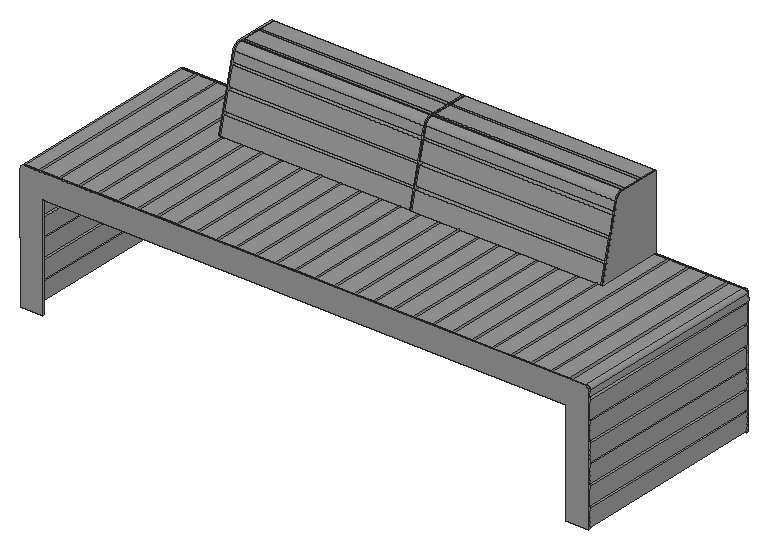
Revit family "Скамейка стальная «Ладья» со спинкой Арт 14605", category Антураж, Revit 2018
Family settings
  На основе рабочей плоскости = Нет
  Всегда вертикально = Да
  При загрузке вырезать с полостями = Нет
  Источник визуального образа = Геометрия семейства
  Общий = Нет
  Точка расчета площади = Нет
Parameters (values of type "Скамейка стальная «Ладья» со спинкой")
  Ширина = 700 mm  # constant formula
  Цвет опор = Сталь
  Цвет лавки = Дерево
  Описание = "Скамейка стальная «Ладья» со спинкой"  # constant formula
  Материал изделия = "Сталь, дерево"  # constant formula
  Изображение типоразмера = Скамейка стальная «Ладья» со спинкой Арт 14605.png
  Изготовитель = "ООО «Хоббика»"  # constant formula
  Длина = 2000 mm  # constant formula
  Группа модели = "Скамейки"  # constant formula
  Высота = 710 mm  # constant formula
  Артикул товара = "Арт 14605"  # constant formula
  URL = "https://hobbyka.ru/product/skameyka_so_spinkoy_ladya/"
Reference planes
  plane 1 "По центру (Вперед/Назад)": y = 0
  plane 2: z = 0
  plane 3 "По центру (Влево/Вправо)": x = 0
  plane 4: y = 700
  plane 5: x = 2000
  plane 6: z = 710
Forms (mm)
  Extrusion 1, solid, material "Сталь" <- "Цвет опор"
    sketch origin (0, 0, 0) x (1, 0, 0) y (0, 0, 1)
      loop
        arc (15, 450) -> (4.393, 445.607) -> (0, 435) r 15
        line (0, 435) -> (0, 0) -> (80, 0) -> (80, 364.544) -> (1920, 364.544) -> (1920, 0) -> (2000, 0) -> (2000, 364.544) -> (2000, 435)
        arc (2000, 435) -> (1995.607, 445.607) -> (1985, 450) r 15
        line (1985, 450) -> (15, 450)
    from 0 to -5
  Extrusion 2, solid, material "Сталь" <- "Цвет опор"
    sketch origin (0, 0, 0) x (1, 0, 0) y (0, 0, 1)
      loop
        arc (15, 450) -> (4.393, 445.607) -> (0, 435) r 15
        line (0, 435) -> (0, 0) -> (80, 0) -> (80, 364.544) -> (1920, 364.544) -> (1920, 0) -> (2000, 0) -> (2000, 364.544) -> (2000, 435)
        arc (2000, 435) -> (1995.607, 445.607) -> (1985, 450) r 15
        line (1985, 450) -> (15, 450)
    from -695 to -700
  Extrusion 3, solid, material "Сталь" <- "Цвет опор"
    sketch origin (0, 0, 0) x (0, 1, 0) y (0, 0, 1)
      loop
        line (700, 710) -> (555, 710)
        arc (555, 710) -> (537.722, 704.109) -> (527.641, 688.89) r 28.284
        line (527.641, 688.89) -> (465, 450) -> (700, 450) -> (700, 710)
    from 325 to 330
  Extrusion 4, solid, material "Сталь" <- "Цвет опор"
    sketch origin (0, 0, 0) x (0, 1, 0) y (0, 0, 1)
      loop
        line (700, 710) -> (555, 710)
        arc (555, 710) -> (537.722, 704.109) -> (527.641, 688.89) r 28.284
        line (527.641, 688.89) -> (465, 450) -> (700, 450) -> (700, 710)
    from 1670 to 1675
  Extrusion 5, solid, material "Дерево" <- "Цвет лавки"
    sketch origin (0, 0, 0) x (1, 0, 0) y (0, 0, 1)
      loop
        line (0, 65) -> (0, 5) -> (35, 5) -> (35, 65) -> (0, 65)
    from -5 to -695
  Extrusion 6, solid, material "Дерево" <- "Цвет лавки"
    sketch origin (0, 0, 340) x (1, 0, 0) y (0, 0, 1)
      loop
        line (0, 65) -> (0, 5) -> (35, 5) -> (35, 65) -> (0, 65)
    from -5 to -695
  Extrusion 7, solid, material "Дерево" <- "Цвет лавки"
    sketch origin (0, 0, 68) x (1, 0, 0) y (0, 0, 1)
      loop
        line (0, 65) -> (0, 5) -> (35, 5) -> (35, 65) -> (0, 65)
    from -5 to -695
  Extrusion 8, solid, material "Дерево" <- "Цвет лавки"
    sketch origin (0, 0, 136) x (1, 0, 0) y (0, 0, 1)
      loop
        line (0, 65) -> (0, 5) -> (35, 5) -> (35, 65) -> (0, 65)
    from -5 to -695
  Extrusion 9, solid, material "Дерево" <- "Цвет лавки"
    sketch origin (0, 0, 204) x (1, 0, 0) y (0, 0, 1)
      loop
        line (0, 65) -> (0, 5) -> (35, 5) -> (35, 65) -> (0, 65)
    from -5 to -695
  Extrusion 10, solid, material "Дерево" <- "Цвет лавки"
    sketch origin (0, 0, 272) x (1, 0, 0) y (0, 0, 1)
      loop
        line (0, 65) -> (0, 5) -> (35, 5) -> (35, 65) -> (0, 65)
    from -5 to -695
  Extrusion 11, solid, material "Дерево" <- "Цвет лавки"
    sketch origin (1920, 0, 0) x (1, 0, 0) y (0, 0, 1)
      loop
        line (45, 65) -> (45, 5) -> (80, 5) -> (80, 65) -> (45, 65)
    from -5 to -695
  Extrusion 12, solid, material "Дерево" <- "Цвет лавки"
    sketch origin (1920, 0, 340) x (1, 0, 0) y (0, 0, 1)
      loop
        line (45, 65) -> (45, 5) -> (80, 5) -> (80, 65) -> (45, 65)
    from -5 to -695
  Extrusion 13, solid, material "Дерево" <- "Цвет лавки"
    sketch origin (1920, 0, 68) x (1, 0, 0) y (0, 0, 1)
      loop
        line (45, 65) -> (45, 5) -> (80, 5) -> (80, 65) -> (45, 65)
    from -5 to -695
  Extrusion 14, solid, material "Дерево" <- "Цвет лавки"
    sketch origin (1920, 0, 136) x (1, 0, 0) y (0, 0, 1)
      loop
        line (45, 65) -> (45, 5) -> (80, 5) -> (80, 65) -> (45, 65)
    from -5 to -695
  Extrusion 15, solid, material "Дерево" <- "Цвет лавки"
    sketch origin (1920, 0, 204) x (1, 0, 0) y (0, 0, 1)
      loop
        line (45, 65) -> (45, 5) -> (80, 5) -> (80, 65) -> (45, 65)
    from -5 to -695
  Extrusion 16, solid, material "Дерево" <- "Цвет лавки"
    sketch origin (1920, 0, 272) x (1, 0, 0) y (0, 0, 1)
      loop
        line (45, 65) -> (45, 5) -> (80, 5) -> (80, 65) -> (45, 65)
    from -5 to -695
  Extrusion 17, solid, material "Дерево" <- "Цвет лавки"
    sketch origin (0, 0, 0) x (1, 0, 0) y (0, 0, 1)
      loop
        line (60, 450) -> (15, 450)
        arc (15, 450) -> (4.393, 445.607) -> (0, 435) r 15
        line (0, 435) -> (0, 415) -> (60, 415) -> (60, 450)
      loop
        line (1940, 450) -> (1940, 415) -> (2000, 415) -> (2000, 435)
        arc (2000, 435) -> (1995.607, 445.607) -> (1985, 450) r 15
        line (1985, 450) -> (1940, 450)
    from -5 to -700
  Extrusion 18, solid, material "Дерево" <- "Цвет лавки"
    sketch origin (20, 0, 0) x (1, 0, 0) y (0, 0, 1)
      loop
        line (110, 415) -> (110, 450) -> (50, 450) -> (50, 415) -> (110, 415)
    from -5 to -695
  Extrusion 19, solid, material "Дерево" <- "Цвет лавки"
    sketch origin (1820, 0, 0) x (1, 0, 0) y (0, 0, 1)
      loop
        line (110, 415) -> (110, 450) -> (50, 450) -> (50, 415) -> (110, 415)
    from -5 to -695
  Extrusion 20, solid, material "Дерево" <- "Цвет лавки"
    sketch origin (89.231, 0, 0) x (1, 0, 0) y (0, 0, 1)
      loop
        line (110, 415) -> (110, 450) -> (50, 450) -> (50, 415) -> (110, 415)
    from -5 to -695
  Extrusion 21, solid, material "Дерево" <- "Цвет лавки"
    sketch origin (158.462, 0, 0) x (1, 0, 0) y (0, 0, 1)
      loop
        line (110, 415) -> (110, 450) -> (50, 450) -> (50, 415) -> (110, 415)
    from -5 to -695
  Extrusion 22, solid, material "Дерево" <- "Цвет лавки"
    sketch origin (227.692, 0, 0) x (1, 0, 0) y (0, 0, 1)
      loop
        line (110, 415) -> (110, 450) -> (50, 450) -> (50, 415) -> (110, 415)
    from -5 to -695
  Extrusion 23, solid, material "Дерево" <- "Цвет лавки"
    sketch origin (296.923, 0, 0) x (1, 0, 0) y (0, 0, 1)
      loop
        line (110, 415) -> (110, 450) -> (50, 450) -> (50, 415) -> (110, 415)
    from -5 to -695
  Extrusion 24, solid, material "Дерево" <- "Цвет лавки"
    sketch origin (366.154, 0, 0) x (1, 0, 0) y (0, 0, 1)
      loop
        line (110, 415) -> (110, 450) -> (50, 450) -> (50, 415) -> (110, 415)
    from -5 to -695
  Extrusion 25, solid, material "Дерево" <- "Цвет лавки"
    sketch origin (435.385, 0, 0) x (1, 0, 0) y (0, 0, 1)
      loop
        line (110, 415) -> (110, 450) -> (50, 450) -> (50, 415) -> (110, 415)
    from -5 to -695
  Extrusion 26, solid, material "Дерево" <- "Цвет лавки"
    sketch origin (504.615, 0, 0) x (1, 0, 0) y (0, 0, 1)
      loop
        line (110, 415) -> (110, 450) -> (50, 450) -> (50, 415) -> (110, 415)
    from -5 to -695
  Extrusion 27, solid, material "Дерево" <- "Цвет лавки"
    sketch origin (573.846, 0, 0) x (1, 0, 0) y (0, 0, 1)
      loop
        line (110, 415) -> (110, 450) -> (50, 450) -> (50, 415) -> (110, 415)
    from -5 to -695
  Extrusion 28, solid, material "Дерево" <- "Цвет лавки"
    sketch origin (643.077, 0, 0) x (1, 0, 0) y (0, 0, 1)
      loop
        line (110, 415) -> (110, 450) -> (50, 450) -> (50, 415) -> (110, 415)
    from -5 to -695
  Extrusion 29, solid, material "Дерево" <- "Цвет лавки"
    sketch origin (712.308, 0, 0) x (1, 0, 0) y (0, 0, 1)
      loop
        line (110, 415) -> (110, 450) -> (50, 450) -> (50, 415) -> (110, 415)
    from -5 to -695
  Extrusion 30, solid, material "Дерево" <- "Цвет лавки"
    sketch origin (781.538, 0, 0) x (1, 0, 0) y (0, 0, 1)
      loop
        line (110, 415) -> (110, 450) -> (50, 450) -> (50, 415) -> (110, 415)
    from -5 to -695
  Extrusion 31, solid, material "Дерево" <- "Цвет лавки"
    sketch origin (850.769, 0, 0) x (1, 0, 0) y (0, 0, 1)
      loop
        line (110, 415) -> (110, 450) -> (50, 450) -> (50, 415) -> (110, 415)
    from -5 to -695
  Extrusion 32, solid, material "Дерево" <- "Цвет лавки"
    sketch origin (920, 0, 0) x (1, 0, 0) y (0, 0, 1)
      loop
        line (110, 415) -> (110, 450) -> (50, 450) -> (50, 415) -> (110, 415)
    from -5 to -695
  Extrusion 33, solid, material "Дерево" <- "Цвет лавки"
    sketch origin (989.231, 0, 0) x (1, 0, 0) y (0, 0, 1)
      loop
        line (110, 415) -> (110, 450) -> (50, 450) -> (50, 415) -> (110, 415)
    from -5 to -695
  Extrusion 34, solid, material "Дерево" <- "Цвет лавки"
    sketch origin (1058.462, 0, 0) x (1, 0, 0) y (0, 0, 1)
      loop
        line (110, 415) -> (110, 450) -> (50, 450) -> (50, 415) -> (110, 415)
    from -5 to -695
  Extrusion 35, solid, material "Дерево" <- "Цвет лавки"
    sketch origin (1127.692, 0, 0) x (1, 0, 0) y (0, 0, 1)
      loop
        line (110, 415) -> (110, 450) -> (50, 450) -> (50, 415) -> (110, 415)
    from -5 to -695
  Extrusion 36, solid, material "Дерево" <- "Цвет лавки"
    sketch origin (1196.923, 0, 0) x (1, 0, 0) y (0, 0, 1)
      loop
        line (110, 415) -> (110, 450) -> (50, 450) -> (50, 415) -> (110, 415)
    from -5 to -695
  Extrusion 37, solid, material "Дерево" <- "Цвет лавки"
    sketch origin (1266.154, 0, 0) x (1, 0, 0) y (0, 0, 1)
      loop
        line (110, 415) -> (110, 450) -> (50, 450) -> (50, 415) -> (110, 415)
    from -5 to -695
  Extrusion 38, solid, material "Дерево" <- "Цвет лавки"
    sketch origin (1335.385, 0, 0) x (1, 0, 0) y (0, 0, 1)
      loop
        line (110, 415) -> (110, 450) -> (50, 450) -> (50, 415) -> (110, 415)
    from -5 to -695
  Extrusion 39, solid, material "Дерево" <- "Цвет лавки"
    sketch origin (1404.615, 0, 0) x (1, 0, 0) y (0, 0, 1)
      loop
        line (110, 415) -> (110, 450) -> (50, 450) -> (50, 415) -> (110, 415)
    from -5 to -695
  Extrusion 40, solid, material "Дерево" <- "Цвет лавки"
    sketch origin (1473.846, 0, 0) x (1, 0, 0) y (0, 0, 1)
      loop
        line (110, 415) -> (110, 450) -> (50, 450) -> (50, 415) -> (110, 415)
    from -5 to -695
  Extrusion 41, solid, material "Дерево" <- "Цвет лавки"
    sketch origin (1543.077, 0, 0) x (1, 0, 0) y (0, 0, 1)
      loop
        line (110, 415) -> (110, 450) -> (50, 450) -> (50, 415) -> (110, 415)
    from -5 to -695
  Extrusion 42, solid, material "Дерево" <- "Цвет лавки"
    sketch origin (1612.308, 0, 0) x (1, 0, 0) y (0, 0, 1)
      loop
        line (110, 415) -> (110, 450) -> (50, 450) -> (50, 415) -> (110, 415)
    from -5 to -695
  Extrusion 43, solid, material "Дерево" <- "Цвет лавки"
    sketch origin (1681.538, 0, 0) x (1, 0, 0) y (0, 0, 1)
      loop
        line (110, 415) -> (110, 450) -> (50, 450) -> (50, 415) -> (110, 415)
    from -5 to -695
  Extrusion 44, solid, material "Дерево" <- "Цвет лавки"
    sketch origin (1750.769, 0, 0) x (1, 0, 0) y (0, 0, 1)
      loop
        line (110, 415) -> (110, 450) -> (50, 450) -> (50, 415) -> (110, 415)
    from -5 to -695
  Extrusion 45, solid, material "Дерево" <- "Цвет лавки"
    sketch origin (0, 0, 0) x (0, 1, 0) y (0, 0, 1)
      loop
        line (527.641, 688.89) -> (520.065, 660) -> (556.249, 660) -> (560, 674.307) -> (560, 710) -> (555, 710)
        arc (555, 710) -> (537.722, 704.109) -> (527.641, 688.89) r 28.284
      loop
        line (700, 710) -> (640, 710) -> (640, 675) -> (700, 675) -> (700, 710)
      loop
        line (465, 450) -> (501.183, 450) -> (516.916, 510) -> (480.733, 510) -> (465, 450)
      loop
        line (483.355, 520) -> (519.538, 520) -> (535.271, 580) -> (499.088, 580) -> (483.355, 520)
      loop
        line (501.71, 590) -> (537.893, 590) -> (553.626, 650) -> (517.443, 650) -> (501.71, 590)
      loop
        line (630, 710) -> (570, 710) -> (570, 675) -> (630, 675) -> (630, 710)
    from 330 to 997.5
  Extrusion 46, solid, material "Дерево" <- "Цвет лавки"
    sketch origin (0, 0, 0) x (0, 1, 0) y (0, 0, 1)
      loop
        line (527.641, 688.89) -> (520.065, 660) -> (556.249, 660) -> (560, 674.307) -> (560, 710) -> (555, 710)
        arc (555, 710) -> (537.722, 704.109) -> (527.641, 688.89) r 28.284
      loop
        line (700, 710) -> (640, 710) -> (640, 675) -> (700, 675) -> (700, 710)
      loop
        line (465, 450) -> (501.183, 450) -> (516.916, 510) -> (480.733, 510) -> (465, 450)
      loop
        line (483.355, 520) -> (519.538, 520) -> (535.271, 580) -> (499.088, 580) -> (483.355, 520)
      loop
        line (501.71, 590) -> (537.893, 590) -> (553.626, 650) -> (517.443, 650) -> (501.71, 590)
      loop
        line (630, 710) -> (570, 710) -> (570, 675) -> (630, 675) -> (630, 710)
    from 1002.5 to 1670
  Extrusion 47, solid, material "Сталь" <- "Цвет опор"
    sketch origin (0, 0, 0) x (0, 1, 0) y (0, 0, 1)
      loop
        line (700, 710) -> (555, 710)
        arc (555, 710) -> (537.722, 704.109) -> (527.641, 688.89) r 28.284
        line (527.641, 688.89) -> (465, 450) -> (700, 450) -> (700, 710)
    from 997.5 to 1002.5
Lines and regions (mm)
  symbolic lines
    curve 1: line (1930, 0, 464.61) -> (1930, 0, 349.61)
Dimensions and locks
  "Длина": plane 3 "По центру (Влево/Вправо)" to plane 5
  "Ширина": plane 4 to plane 1 "По центру (Вперед/Назад)"
  "Высота": plane 6 to plane 2
  equal spacing: group 1, group 3, group 4, group 5, group 6, group 2  (x3)
  equal spacing: group 7, group 9, group 10, group 11, group 12, group 13, group 14, group 15, group 16, group 17, group 18, group 19, group 20, group 21, group 22, group 23, group 24, group 25, group 26, group 27, group 28, group 29, group 30, group 31, group 32, group 33, group 8  (x3)
  aligned and locked: level to plane 2
Automatic sketch dimensions
  Extrusion 11 sketch curve to Extrusion 11 sketch curve = 35 mm  (x2)
  Extrusion 11 sketch curve to Extrusion 11 sketch curve = 60 mm  (x2)
  Extrusion 5 sketch curve to Extrusion 5 sketch curve = 35 mm
  Extrusion 5 sketch curve to Extrusion 5 sketch curve = 60 mm
  Extrusion 6 sketch curve to Extrusion 6 sketch curve = 35 mm
  Extrusion 6 sketch curve to Extrusion 6 sketch curve = 60 mm
  Extrusion 12 sketch curve to Extrusion 12 sketch curve = 35 mm
  Extrusion 12 sketch curve to Extrusion 12 sketch curve = 60 mm
  Extrusion 7 sketch curve to Extrusion 7 sketch curve = 35 mm
  Extrusion 7 sketch curve to Extrusion 7 sketch curve = 60 mm
  Extrusion 13 sketch curve to Extrusion 13 sketch curve = 35 mm
  Extrusion 13 sketch curve to Extrusion 13 sketch curve = 60 mm
  Extrusion 8 sketch curve to Extrusion 8 sketch curve = 35 mm
  Extrusion 8 sketch curve to Extrusion 8 sketch curve = 60 mm
  Extrusion 14 sketch curve to Extrusion 14 sketch curve = 35 mm
  Extrusion 14 sketch curve to Extrusion 14 sketch curve = 60 mm
  Extrusion 9 sketch curve to Extrusion 9 sketch curve = 35 mm
  Extrusion 9 sketch curve to Extrusion 9 sketch curve = 60 mm
  Extrusion 15 sketch curve to Extrusion 15 sketch curve = 35 mm
  Extrusion 15 sketch curve to Extrusion 15 sketch curve = 60 mm
  Extrusion 10 sketch curve to Extrusion 10 sketch curve = 35 mm
  Extrusion 10 sketch curve to Extrusion 10 sketch curve = 60 mm
  Extrusion 16 sketch curve to Extrusion 16 sketch curve = 35 mm
  Extrusion 16 sketch curve to Extrusion 16 sketch curve = 60 mm
  Extrusion 18 sketch curve to Extrusion 18 sketch curve = 35 mm
  Extrusion 18 sketch curve to Extrusion 18 sketch curve = 60 mm
  Extrusion 19 sketch curve to Extrusion 19 sketch curve = 35 mm
  Extrusion 19 sketch curve to Extrusion 19 sketch curve = 60 mm
  Extrusion 20 sketch curve to Extrusion 20 sketch curve = 35 mm
  Extrusion 20 sketch curve to Extrusion 20 sketch curve = 60 mm
  Extrusion 21 sketch curve to Extrusion 21 sketch curve = 35 mm
  Extrusion 21 sketch curve to Extrusion 21 sketch curve = 60 mm
  Extrusion 22 sketch curve to Extrusion 22 sketch curve = 35 mm
  Extrusion 22 sketch curve to Extrusion 22 sketch curve = 60 mm
  Extrusion 23 sketch curve to Extrusion 23 sketch curve = 35 mm
  Extrusion 23 sketch curve to Extrusion 23 sketch curve = 60 mm
  Extrusion 24 sketch curve to Extrusion 24 sketch curve = 35 mm
  Extrusion 24 sketch curve to Extrusion 24 sketch curve = 60 mm
  Extrusion 25 sketch curve to Extrusion 25 sketch curve = 35 mm
  Extrusion 25 sketch curve to Extrusion 25 sketch curve = 60 mm
  Extrusion 26 sketch curve to Extrusion 26 sketch curve = 35 mm
  Extrusion 26 sketch curve to Extrusion 26 sketch curve = 60 mm
  Extrusion 27 sketch curve to Extrusion 27 sketch curve = 35 mm
  Extrusion 27 sketch curve to Extrusion 27 sketch curve = 60 mm
  Extrusion 28 sketch curve to Extrusion 28 sketch curve = 35 mm
  Extrusion 28 sketch curve to Extrusion 28 sketch curve = 60 mm
  Extrusion 29 sketch curve to Extrusion 29 sketch curve = 35 mm
  Extrusion 29 sketch curve to Extrusion 29 sketch curve = 60 mm
  Extrusion 30 sketch curve to Extrusion 30 sketch curve = 35 mm
  Extrusion 30 sketch curve to Extrusion 30 sketch curve = 60 mm
  Extrusion 31 sketch curve to Extrusion 31 sketch curve = 35 mm
  Extrusion 31 sketch curve to Extrusion 31 sketch curve = 60 mm
  Extrusion 32 sketch curve to Extrusion 32 sketch curve = 35 mm
  Extrusion 32 sketch curve to Extrusion 32 sketch curve = 60 mm
  Extrusion 33 sketch curve to Extrusion 33 sketch curve = 35 mm
  Extrusion 33 sketch curve to Extrusion 33 sketch curve = 60 mm
  Extrusion 34 sketch curve to Extrusion 34 sketch curve = 35 mm
  Extrusion 34 sketch curve to Extrusion 34 sketch curve = 60 mm
  Extrusion 35 sketch curve to Extrusion 35 sketch curve = 35 mm
  Extrusion 35 sketch curve to Extrusion 35 sketch curve = 60 mm
  Extrusion 36 sketch curve to Extrusion 36 sketch curve = 35 mm
  Extrusion 36 sketch curve to Extrusion 36 sketch curve = 60 mm
  Extrusion 37 sketch curve to Extrusion 37 sketch curve = 35 mm
  Extrusion 37 sketch curve to Extrusion 37 sketch curve = 60 mm
  Extrusion 38 sketch curve to Extrusion 38 sketch curve = 35 mm
  Extrusion 38 sketch curve to Extrusion 38 sketch curve = 60 mm
  Extrusion 39 sketch curve to Extrusion 39 sketch curve = 35 mm
  Extrusion 39 sketch curve to Extrusion 39 sketch curve = 60 mm
  Extrusion 40 sketch curve to Extrusion 40 sketch curve = 35 mm
  Extrusion 40 sketch curve to Extrusion 40 sketch curve = 60 mm
  Extrusion 41 sketch curve to Extrusion 41 sketch curve = 35 mm
  Extrusion 41 sketch curve to Extrusion 41 sketch curve = 60 mm
  Extrusion 42 sketch curve to Extrusion 42 sketch curve = 35 mm
  Extrusion 42 sketch curve to Extrusion 42 sketch curve = 60 mm
  Extrusion 43 sketch curve to Extrusion 43 sketch curve = 35 mm
  Extrusion 43 sketch curve to Extrusion 43 sketch curve = 60 mm
  Extrusion 44 sketch curve to Extrusion 44 sketch curve = 35 mm
  Extrusion 44 sketch curve to Extrusion 44 sketch curve = 60 mm
  curve 1 to plane 5 = 70 mm
  level to curve 1 = 349.61 mm
  curve 1 to curve 1 = 115 mm
  Extrusion 1 sketch curve to plane 3 "По центру (Влево/Вправо)" = 0 mm
  Extrusion 1 sketch curve to level = 0 mm  (x2)
  Extrusion 1 sketch curve to plane 5 = 0 mm
  plane 3 "По центру (Влево/Вправо)" to Extrusion 1 sketch curve = 15 mm
  plane 3 "По центру (Влево/Вправо)" to Extrusion 1 sketch curve = 80 mm
  Extrusion 1 sketch curve to Extrusion 1 sketch curve = 80 mm
  Extrusion 1 sketch curve to Extrusion 1 sketch curve = 15 mm
  Extrusion 1 sketch curve to plane 6 = 345.456 mm
  Extrusion 1 sketch curve to Extrusion 1 sketch curve = 0 mm
  Extrusion 1 sketch curve to Extrusion 1 sketch curve = 70.456 mm
  Extrusion 2 sketch curve to level = 0 mm  (x2)
  Extrusion 2 sketch curve to plane 3 "По центру (Влево/Вправо)" = 0 mm
  Extrusion 2 sketch curve to plane 5 = 0 mm
  plane 3 "По центру (Влево/Вправо)" to Extrusion 2 sketch curve = 15 mm
  plane 3 "По центру (Влево/Вправо)" to Extrusion 2 sketch curve = 80 mm
  Extrusion 2 sketch curve to Extrusion 2 sketch curve = 80 mm
  Extrusion 2 sketch curve to plane 5 = 15 mm
  Extrusion 2 sketch curve to plane 6 = 345.456 mm
  Extrusion 2 sketch curve to Extrusion 2 sketch curve = 0 mm
  Extrusion 2 sketch curve to Extrusion 2 sketch curve = 70.456 mm
  Extrusion 3 sketch curve to plane 6 = 0 mm
  Extrusion 3 sketch curve to plane 4 = 0 mm
  Extrusion 3 sketch curve to plane 4 = 145 mm
  Extrusion 3 sketch curve to plane 6 = 21.11 mm
  Extrusion 3 sketch curve to Extrusion 3 sketch curve = 27.359 mm
  Extrusion 3 sketch curve to plane 4 = 235 mm
  Extrusion 3 sketch curve to Extrusion 3 sketch curve = 238.89 mm
  Extrusion 4 sketch curve to plane 6 = 0 mm
  Extrusion 4 sketch curve to plane 4 = 0 mm
  Extrusion 4 sketch curve to plane 4 = 145 mm
  Extrusion 4 sketch curve to plane 6 = 21.11 mm
  Extrusion 4 sketch curve to Extrusion 4 sketch curve = 27.359 mm
  Extrusion 4 sketch curve to plane 4 = 235 mm
  Extrusion 4 sketch curve to Extrusion 4 sketch curve = 238.89 mm
  Extrusion 17 sketch curve to plane 3 "По центру (Влево/Вправо)" = 0 mm
  Extrusion 17 sketch curve to plane 5 = 0 mm
  plane 3 "По центру (Влево/Вправо)" to Extrusion 17 sketch curve = 15 mm
  Extrusion 17 sketch curve to Extrusion 17 sketch curve = 45 mm
  Extrusion 17 sketch curve to plane 5 = 60 mm
  Extrusion 17 sketch curve to plane 5 = 15 mm
  Extrusion 17 sketch curve to plane 6 = 295 mm  (x2)
  Extrusion 17 sketch curve to Extrusion 17 sketch curve = 20 mm  (x2)
  Extrusion 45 sketch curve to plane 6 = 0 mm  (x3)
  Extrusion 45 sketch curve to plane 4 = 0 mm
  Extrusion 45 sketch curve to plane 4 = 60 mm
  Extrusion 45 sketch curve to Extrusion 45 sketch curve = 10 mm  (x5)
  Extrusion 45 sketch curve to Extrusion 45 sketch curve = 60 mm  (x4)
  Extrusion 45 sketch curve to Extrusion 45 sketch curve = 3.751 mm
  Extrusion 45 sketch curve to Extrusion 45 sketch curve = 5 mm
  Extrusion 45 sketch curve to Extrusion 45 sketch curve = 2.622 mm  (x6)
  Extrusion 45 sketch curve to Extrusion 45 sketch curve = 15.733 mm  (x3)
  Extrusion 45 sketch curve to plane 6 = 21.11 mm
  Extrusion 45 sketch curve to Extrusion 45 sketch curve = 27.359 mm
  Extrusion 45 sketch curve to plane 6 = 50 mm
  Extrusion 45 sketch curve to Extrusion 45 sketch curve = 7.575 mm
  Extrusion 45 sketch curve to Extrusion 45 sketch curve = 33.561 mm  (x2)
  Extrusion 45 sketch curve to Extrusion 45 sketch curve = 36.183 mm
  Extrusion 45 sketch curve to Extrusion 45 sketch curve = 7.409 mm
  Extrusion 45 sketch curve to Extrusion 45 sketch curve = 0.693 mm
  Extrusion 45 sketch curve to Extrusion 45 sketch curve = 35 mm
  Extrusion 46 sketch curve to plane 6 = 0 mm  (x3)
  Extrusion 46 sketch curve to plane 4 = 0 mm
  Extrusion 46 sketch curve to plane 4 = 60 mm
  Extrusion 46 sketch curve to Extrusion 46 sketch curve = 10 mm  (x5)
  Extrusion 46 sketch curve to Extrusion 46 sketch curve = 60 mm  (x4)
  Extrusion 46 sketch curve to Extrusion 46 sketch curve = 3.751 mm
  Extrusion 46 sketch curve to Extrusion 46 sketch curve = 5 mm
  Extrusion 46 sketch curve to Extrusion 46 sketch curve = 2.622 mm  (x6)
  Extrusion 46 sketch curve to Extrusion 46 sketch curve = 15.733 mm  (x3)
  Extrusion 46 sketch curve to plane 6 = 21.11 mm
  Extrusion 46 sketch curve to Extrusion 46 sketch curve = 27.359 mm
  Extrusion 46 sketch curve to plane 6 = 50 mm
  Extrusion 46 sketch curve to Extrusion 46 sketch curve = 7.575 mm
  Extrusion 46 sketch curve to Extrusion 46 sketch curve = 33.561 mm  (x2)
  Extrusion 46 sketch curve to Extrusion 46 sketch curve = 36.183 mm
  Extrusion 46 sketch curve to Extrusion 46 sketch curve = 7.409 mm
  Extrusion 46 sketch curve to Extrusion 46 sketch curve = 0.693 mm
  Extrusion 46 sketch curve to Extrusion 46 sketch curve = 35 mm
  Extrusion 47 sketch curve to plane 6 = 0 mm
  Extrusion 47 sketch curve to plane 4 = 0 mm
  Extrusion 47 sketch curve to plane 4 = 145 mm
  Extrusion 47 sketch curve to plane 6 = 21.11 mm
  Extrusion 47 sketch curve to Extrusion 47 sketch curve = 27.359 mm
  Extrusion 47 sketch curve to plane 4 = 235 mm
  Extrusion 47 sketch curve to Extrusion 47 sketch curve = 238.89 mm
